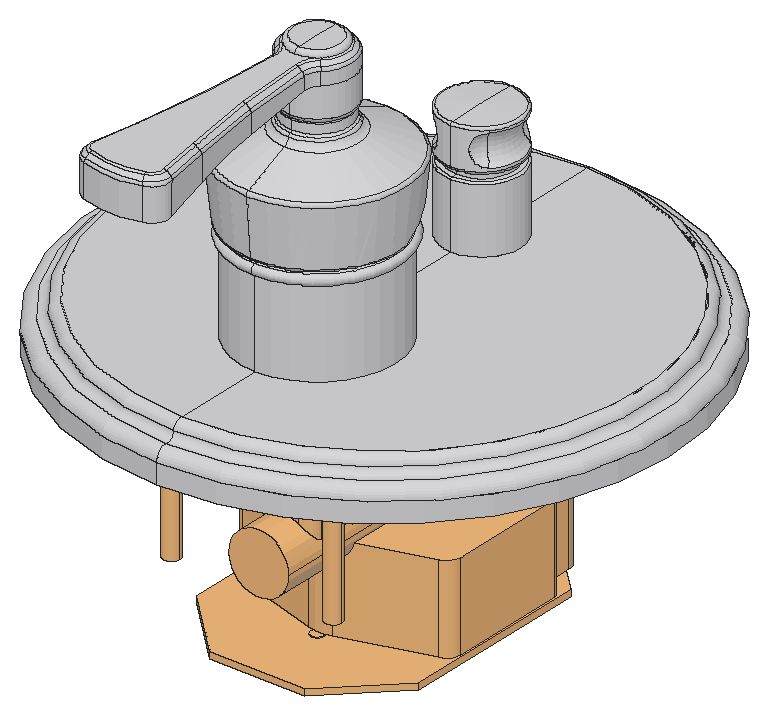
Revit family "Shower-Valve_Trim-KOHLER-MODULO-K-72807T", category Plumbing Fixtures, host Face, Revit 2017
Family settings
  Host = Face
  Round Connector Dimension = Use Diameter
  Part Type = Normal
  OmniClass Number = 23.31.25.00
  OmniClass Title = Toilet and Bath Specialties
  Cut with Voids When Loaded = No
  Shared = No
  Room Calculation Point = No
Parameters (values of type "CP-Polished Chrome")
  Width = 7 11/128"  # constant formula
  WaterSense Certified = 1 = 0  # no
  Waste Water Outlet = "Waste Water Outlet"  # constant formula
  Waste Connection = 1 = 0  # no
  Vent Connection = 1 = 0  # no
  URL = "http://www.kohler.com.cn/"
  Type = 1
  Tempered Water Outlet 2 = "Tempered Water Outlet 2"  # constant formula
  Tempered Water Outlet 1 = "Tempered Water Outlet 1"  # constant formula
  Product Page URL = ""
  Product Name = "MODULO"  # constant formula
  Product Documentation Link = ""
  Pressure = 0.00 psi
  Model = "K-72807T-4-CP"  # constant formula
  Material = "Premium Metal Construction"  # constant formula
  Master Format 2014 Name = "Toilet, Bath, and Laundry Accessories"  # constant formula
  Master Format 2014 = "10 28 00"  # constant formula
  Manufacturer Address = "Kohler Beijing Office (100016) 36-2-03-B, No. 88, Liuxiang Road, Beijing"  # constant formula
  Manufacturer = "KOHLER Co."  # constant formula
  Length = 3 55/64"  # constant formula
  Hot Water Inlet = "Hot Water Inlet"  # constant formula
  Height = 7 209/256"  # constant formula
  Handle Clearance = 3 29/128"  # constant formula
  HW Connection = 1 = 1  # yes
  Flow Rate = 0 GPM
  Finish = Kohler-Metal-CP-Polished_Chrome
  Environmental Product Declaration = ""
  Drain Included = 1 = 0  # no
  Description = "Classic Bath Shower Trim and Valve"  # constant formula
  Default Elevation = 42"
  Declare Label = ""
  Date Modified = "07/30/2020"  # constant formula
  Date Created = "07/30/2020"  # constant formula
  Copyright = "Copyright KOHLER Co."  # constant formula
  Contact Us = "http://www.kohler.com.cn/contact/contact-us/"
  Cold Water Inlet = "Cold Water Inlet"  # constant formula
  CW Connection = 1 = 1  # yes
  Assembly Code = "D2010700"
  ADA Compliant = 1 = 0  # no
Reference planes
  plane 1 "Center (Front/Back)": y = 0
  plane 2: z = 0
  plane 3 "Center (Left/Right)": x = 0
  plane 4: y = 90
  plane 5: y = -90
  plane 6: y = 38.418
  plane 7: y = -26.582
  plane 8: y = -108.537
  plane 9: x = -90
  plane 10: x = 89.983
  plane 11: y = 50.715
  plane 12: y = 26.285
  plane 13: x = -12.215
  plane 14: x = 12.215
  plane 15: y = -1.999
  plane 16: y = -51.001
  plane 17: z = 15
  plane 18: z = -71.822
  plane 19: z = 98.028
  plane 20: z = 51.93
  plane 21: x = 24.471
  plane 22: x = -24.471
Forms (mm)
  Extrusion 1, void
    sketch origin (0, 0, 0) x (1, 0, 0) y (0, 1, 0)
      loop
        arc (30.175, -58.263) -> (34.665, -56.403) -> (36.525, -51.913) r 6.35
        line (36.525, -51.913) -> (36.525, 54.058)
        arc (36.525, 54.058) -> (34.665, 58.548) -> (30.175, 60.408) r 6.35
        line (30.175, 60.408) -> (-30.314, 60.408)
        arc (-30.314, 60.408) -> (-34.804, 58.548) -> (-36.664, 54.058) r 6.35
        line (-36.664, 54.058) -> (-36.664, -51.913)
        arc (-36.664, -51.913) -> (-34.804, -56.403) -> (-30.314, -58.263) r 6.35
        line (-30.314, -58.263) -> (30.175, -58.263)
    from 0 to -71.822
Dimensions and locks
  "Width": plane 9 to plane 10
  "Height": plane 4 to plane 8
  locked: plane 4 to plane 5 at 180
  "Length": plane 19 to plane 2
  "Handle Clearance": plane 7 to plane 8
  locked: plane 6 to plane 7 at 65
  aligned and locked: plane 2 to host face
  aligned and locked: level to host face
Automatic sketch dimensions
  host sketch curve to host sketch curve = 96"  (x2)
  plane 16 to Extrusion 1 sketch curve = 0.0359"  (x2)
  plane 13 to Extrusion 1 sketch curve = 0.96254"
  Extrusion 1 sketch curve to Extrusion 1 sketch curve = 1/4"
  plane 16 to Extrusion 1 sketch curve = 0.2859"
  Extrusion 1 sketch curve to plane 14 = 0.70708"  (x2)
  plane 11 to Extrusion 1 sketch curve = 0.38159"
Nested families
  nested 1: "K-72807T" at (0, 0, 0), type "K-72807T"
Connectors
  piping at (-24.471, 0, -71.822), diameter 12.7, driven by "HW Connection", driven by "Hot Water Inlet"
    settings: on nested 1, index 1, connector inside diameter 24", connector length 0", flow factor 0, pipe flow 0 GPM, pressure drop 0.00 psi, fitting loss kfactor 0, connector angle 0.00°, fixture units 0, engagement length 0", angle of deflection 0.00°, flow configuration 0, flow direction 1, fitting loss method 0, system type 19, joint type 0, gender type 0, connector reference index -1, connector utility 1, adjustable connector no, is connector primary yes, connector description "Hot Water Inlet"
  piping at (24.471, 0, -71.822), diameter 12.7, driven by "CW Connection", driven by "Cold Water Inlet"
    settings: on nested 1, index 2, connector inside diameter 24", connector length 0", flow factor 0, pipe flow 0 GPM, pressure drop 0.00 psi, fitting loss kfactor 0, connector angle 0.00°, fixture units 0, engagement length 0", angle of deflection 0.00°, flow configuration 0, flow direction 1, fitting loss method 0, system type 20, joint type 0, gender type 0, connector reference index -1, connector utility 1, adjustable connector no, is connector primary no, connector description "Cold Water Inlet"
  piping at (0, -26.5, -71.822), diameter 12.7, driven by "HW Connection", driven by "Tempered Water Outlet 2"
    settings: on nested 1, index 3, connector inside diameter 24", connector length 0", flow factor 0, pipe flow 0 GPM, pressure drop 0.00 psi, fitting loss kfactor 0, connector angle 0.00°, fixture units 0, engagement length 0", angle of deflection 0.00°, flow configuration 0, flow direction 2, fitting loss method 0, system type 19, joint type 0, gender type 0, connector reference index -1, connector utility 1, adjustable connector no, is connector primary no, connector description "Tempered Water Outlet 2"
  piping at (0, 38.5, -71.822), diameter 12.7, driven by "HW Connection", driven by "Tempered Water Outlet 1"
    settings: on nested 1, index 4, connector inside diameter 24", connector length 0", flow factor 0, pipe flow 0 GPM, pressure drop 0.00 psi, fitting loss kfactor 0, connector angle 0.00°, fixture units 0, engagement length 0", angle of deflection 0.00°, flow configuration 0, flow direction 2, fitting loss method 0, system type 19, joint type 0, gender type 0, connector reference index -1, connector utility 1, adjustable connector no, is connector primary no, connector description "Tempered Water Outlet 1"
Definition of nested family "K-72807T"
  Parameters (values of type "K-72807T")
    Material = none
  Reference planes
    plane 1 "Center (Front/Back)": y = 0
    plane 2: z = 0
    plane 3 "Center (Left/Right)": x = 0
    plane 4: x = -90
    plane 5: x = 90
    plane 6: y = 90
    plane 7: y = -90
    plane 8: z = 15
    plane 9: x = -24.471
    plane 10: x = 24.471
    plane 11: y = -26.5
    plane 12: y = 38.5
    plane 13: y = 26.285
    plane 14: z = 51.93
    plane 15: y = 50.715
    plane 16: y = -1.999
    plane 17: y = -51.001
    plane 18: z = 98
    plane 19: y = -108.5
  Forms (mm)
    Revolve 1, solid, material <- "Material", detail levels medium+fine
      sketch origin (0, 0, 0) x (0, 1, 0) y (0, 0, 1)
        loop
          line (0, 15) -> (0, 0) -> (90, 0) -> (90, 6.329)
          arc (90, 6.329) -> (88.779, 9.073) -> (85.924, 10.004) r 3.695
          arc (85.924, 10.004) -> (84.064, 10.556) -> (83.135, 12.26) r 2.541
          arc (83.135, 12.26) -> (82.135, 14.214) -> (80.084, 15) r 3.068
          line (80.084, 15) -> (0, 15)
        axis (0, 15) -> (0, 0)
      angle from 0 to 360
    Extrusion 2, void
      sketch origin (0, 0, 0) x (0, 1, 0) y (0, 0, 1)
        loop
          line (2.553, 60.72) -> (-30.621, 44.54) -> (1.138, 44.54) -> (2.553, 60.72)
      from -28.129 to 29.873
    Revolve 3, solid, material <- "Material", detail levels medium+fine
      sketch origin (0, 0, 0) x (0, 1, 0) y (0, 0, 1)
        loop
          line (28.508, 36) -> (26.855, 36) -> (26.285, 35.429) -> (26.285, 15) -> (38.5, 15) -> (38.5, 51.93)
          arc (38.5, 51.93) -> (32.726, 51.821) -> (26.961, 51.492) r 152.13
          arc (26.961, 51.492) -> (26.48, 51.26) -> (26.285, 50.762) r 0.732
          line (26.285, 50.762) -> (26.285, 39.001)
          arc (26.285, 39.001) -> (26.46, 38.561) -> (26.889, 38.361) r 0.642
          arc (26.889, 38.361) -> (27.698, 38.325) -> (28.508, 38.313) r 27.525
          line (28.508, 38.313) -> (28.508, 36)
        axis (38.5, 51.93) -> (38.5, 15)
      angle from 0 to 360
    Sweep 4, void
      path origin (0, 0, 0) x (1, 0, 0) y (0, 1, 0)
        loop
          arc (6.631, 53.151) -> (7.182, 49.727) -> (8.992, 46.768) r 8.969
          arc (8.992, 46.768) -> (12.215, 38.5) -> (8.992, 30.232) r 12.215
          arc (8.992, 30.232) -> (7.182, 27.273) -> (6.631, 23.849) r 8.969
      profile origin (12.215, 38.5, 0) x (1, 0, 0) y (0, 0, 1)
        loop
          arc (2.277, 51.397) -> (-2.183, 45) -> (2.277, 38.603) r 6.817
          line (2.277, 38.603) -> (2.277, 51.397)
    Sweep 5, void
      path origin (0, 0, 0) x (-1, 0, 0) y (0, 1, 0)
        loop
          arc (6.631, 53.151) -> (7.182, 49.727) -> (8.992, 46.768) r 8.969
          arc (8.992, 46.768) -> (12.215, 38.5) -> (8.992, 30.232) r 12.215
          arc (8.992, 30.232) -> (7.182, 27.273) -> (6.631, 23.849) r 8.969
      profile origin (-12.215, 38.5, 0) x (1, 0, 0) y (0, 0, 1)
        loop
          line (-2.277, 51.397) -> (-2.277, 38.603)
          arc (-2.277, 38.603) -> (2.183, 45) -> (-2.277, 51.397) r 6.817
    Extrusion 6, solid, detail levels medium+fine
      sketch origin (-0.069, 1.072, 0) x (1, 0, 0) y (0, 1, 0)
        loop
          arc (-30.244, 59.335) -> (-34.735, 57.475) -> (-36.594, 52.985) r 6.35
          line (-36.594, 52.985) -> (-36.594, -52.985)
          arc (-36.594, -52.985) -> (-34.735, -57.475) -> (-30.244, -59.335) r 6.35
          line (-30.244, -59.335) -> (30.244, -59.335)
          arc (30.244, -59.335) -> (34.735, -57.475) -> (36.594, -52.985) r 6.35
          line (36.594, -52.985) -> (36.594, 52.985)
          arc (36.594, 52.985) -> (34.735, 57.475) -> (30.244, 59.335) r 6.35
          line (30.244, 59.335) -> (-30.244, 59.335)
      from -2.044 to -0.028
    Extrusion 7, solid, detail levels medium+fine
      sketch origin (0.019, 0.12, 0) x (1, 0, 0) y (0, 1, 0)
        loop
          circle (-25.503, -52.3) r 2.595
        loop
          circle (25.595, -52.3) r 2.595
        loop
          circle (-25.503, 51.686) r 2.595
        loop
          circle (25.595, 51.686) r 2.595
      from -45.675 to 0
    Extrusion 8, solid, detail levels medium+fine
      sketch origin (-1.129, 3.064, 0) x (1, 0, 0) y (0, 1, 0)
        loop
          line (-3.391, -42.566) -> (5.824, -42.566)
          arc (5.824, -42.566) -> (8.665, -41.389) -> (9.842, -38.548) r 4.018
          line (9.842, -38.548) -> (9.842, -20.784)
          arc (9.842, -20.784) -> (1.129, -12.07) -> (-7.584, -20.784) r 8.713
          line (-7.584, -20.784) -> (-7.584, -38.372)
          arc (-7.584, -38.372) -> (-6.356, -41.337) -> (-3.391, -42.566) r 4.193
      from -39.725 to 0
    Extrusion 9, solid, detail levels medium+fine
      sketch origin (-0.056, -0.029, 0) x (1, 0, 0) y (0, 1, 0)
        loop
          circle (0.056, 38.148) r 16.559
      from -49 to 0
    Extrusion 10, solid, detail levels medium+fine
      sketch origin (-0.037, -0.26, 0) x (1, 0, 0) y (0, 0, 1)
        loop
          circle (0.037, -40.011) r 9.542
      from -29.913 to 49.278
    Extrusion 11, solid, detail levels medium+fine
      sketch origin (0, 0.034, 0) x (1, 0, 0) y (0, 1, 0)
        loop
          arc (30.988, -17.081) -> (33.345, -15.435) -> (34.25, -12.707) r 4.564
          line (34.25, -12.707) -> (34.25, 24.424)
          arc (34.25, 24.424) -> (34.155, 24.903) -> (33.883, 25.31) r 1.253
          line (33.883, 25.31) -> (28.635, 30.558)
          arc (28.635, 30.558) -> (28.355, 30.977) -> (28.257, 31.47) r 1.29
          line (28.257, 31.47) -> (28.257, 37.738)
          arc (28.257, 37.738) -> (27.694, 39.908) -> (26.147, 41.531) r 4.465
          line (26.147, 41.531) -> (4.843, 54.759)
          arc (4.843, 54.759) -> (3.599, 55.291) -> (2.254, 55.425) r 4.465
          line (2.254, 55.425) -> (-10.258, 54.769)
          arc (-10.258, 54.769) -> (-12.592, 53.954) -> (-14.123, 52.013) r 4.417
          line (-14.123, 52.013) -> (-22.692, 30.802)
          arc (-22.692, 30.802) -> (-23.139, 30.235) -> (-23.821, 29.997) r 1.29
          line (-23.821, 29.997) -> (-28.998, 29.726)
          arc (-28.998, 29.726) -> (-29.455, 29.616) -> (-29.843, 29.35) r 1.29
          line (-29.843, 29.35) -> (-33.872, 25.321)
          arc (-33.872, 25.321) -> (-34.152, 24.902) -> (-34.25, 24.409) r 1.29
          line (-34.25, 24.409) -> (-34.25, -12.695)
          arc (-34.25, -12.695) -> (-33.342, -15.432) -> (-30.977, -17.084) r 4.58
          line (-30.977, -17.084) -> (-3.9, -25.146)
          arc (-3.9, -25.146) -> (0, -25.714) -> (3.9, -25.146) r 13.668
          line (3.9, -25.146) -> (30.988, -17.081)
      from -69.941 to -42.409
    Extrusion 12, solid, detail levels medium+fine
      sketch origin (0, 0.058, 0) x (1, 0, 0) y (0, 1, 0)
        loop
          line (-35, 29.693) -> (-35, -30.307) -> (-15, -50.307) -> (15, -50.307) -> (35, -30.307) -> (35, 29.693) -> (15, 49.693) -> (-15, 49.693) -> (-35, 29.693)
      from -71.822 to -69.941
    Extrusion 13, solid, detail levels coarse
      sketch origin (0, 0, 0) x (1, 0, 0) y (0, 1, 0)
        loop
          line (-35, -30.249) -> (-15, -50.249) -> (15, -50.249) -> (35, -30.249) -> (35, 29.751) -> (15, 49.751) -> (-15, 49.751) -> (-35, 29.751) -> (-35, -30.249)
      from 0 to -71.822
    Extrusion 14, solid, detail levels medium+fine
      sketch origin (0, 0, 0) x (1, 0, 0) y (0, 1, 0)
        loop
          circle (-24.471, 0) r 2
        loop
          circle (0, -26.5) r 2
        loop
          circle (24.471, 0) r 2
        loop
          circle (0, 38.5) r 2
      from -69.941 to -71.822
    Revolve 15, solid, material <- "Material", detail levels medium+fine
      sketch origin (0, 0, 0) x (0, 1, 0) y (0, 0, 1)
        loop
          line (-26.5, 60) -> (-44.417, 60)
          arc (-44.417, 60) -> (-45.816, 59.635) -> (-46.859, 58.632) r 2.864
          arc (-46.859, 58.632) -> (-49.148, 52.963) -> (-49.468, 46.857) r 18.535
          arc (-49.468, 46.857) -> (-49.817, 45.85) -> (-50.821, 45.492) r 1.233
          arc (-50.821, 45.492) -> (-52.489, 44.077) -> (-51.001, 42.474) r 1.513
          line (-51.001, 42.474) -> (-51.001, 15) -> (-26.5, 15) -> (-26.5, 60)
        axis (-26.5, 60) -> (-26.5, 15)
      angle from 0 to 360
    Revolve 16, solid, material <- "Material", detail levels medium+fine
      sketch origin (0, 0, 0) x (0, 1, 0) y (0, 0, 1)
        loop
          line (-26.5, 47) -> (-26.5, 91.34) -> (-37.502, 91.34) -> (-37.502, 81.866)
          arc (-37.502, 81.866) -> (-37.351, 81.269) -> (-36.935, 80.815) r 1.258
          arc (-36.935, 80.815) -> (-36.617, 80.468) -> (-36.501, 80.011) r 0.961
          line (-36.501, 80.011) -> (-36.501, 77.104)
          arc (-36.501, 77.104) -> (-36.64, 76.647) -> (-37.009, 76.345) r 0.822
          arc (-37.009, 76.345) -> (-37.423, 76.048) -> (-37.663, 75.599) r 1.119
          arc (-37.663, 75.599) -> (-38.33, 74.342) -> (-39.481, 73.505) r 3.159
          line (-39.481, 73.505) -> (-53.733, 67.455)
          arc (-53.733, 67.455) -> (-54.331, 66.93) -> (-54.5, 66.152) r 1.271
          line (-54.5, 66.152) -> (-52.552, 47.618)
          arc (-52.552, 47.618) -> (-52.328, 47.177) -> (-51.866, 47) r 0.69
          line (-51.866, 47) -> (-26.5, 47)
        loop
          line (-26.5, 98) -> (-26.5, 99.5) -> (-33.768, 99.5)
          arc (-33.768, 99.5) -> (-34.797, 99.055) -> (-35.178, 98) r 1.414
          line (-35.178, 98) -> (-26.5, 98)
        axis (-26.5, 99.5) -> (-26.5, 47)
      angle from 0 to 360
    Sweep 17, solid, material <- "Material", detail levels medium+fine
      path origin (0, 0, 0) x (1, 0, 0) y (0, 1, 0)
        loop
          arc (-7.623, -34.433) -> (-6.177, -36.615) -> (-5.797, -39.205) r 6
          line (-5.797, -39.205) -> (-7.496, -62.06)
          arc (-7.496, -62.06) -> (-8.769, -73.978) -> (-10.807, -85.789) r 186.125
          arc (-10.807, -85.789) -> (-12.194, -93.14) -> (-13.34, -100.532) r 227.515
          arc (-13.34, -100.532) -> (-12.464, -104.565) -> (-9.191, -107.078) r 6
          arc (-9.191, -107.078) -> (0.006, -108.481) -> (9.201, -107.059) r 30.636
          arc (9.201, -107.059) -> (12.465, -104.544) -> (13.337, -100.516) r 6
          arc (13.337, -100.516) -> (12.193, -93.132) -> (10.807, -85.789) r 227.515
          arc (10.807, -85.789) -> (8.769, -73.978) -> (7.496, -62.06) r 186.125
          line (7.496, -62.06) -> (5.797, -39.205)
          arc (5.797, -39.205) -> (6.177, -36.615) -> (7.623, -34.433) r 6
          arc (7.623, -34.433) -> (0, -15.498) -> (-7.623, -34.433) r 11.002
      profile origin (0, -15.498, 0) x (0, 1, 0) y (0, 0, 1)
        loop
          arc (0, 95.4) -> (-0.116, 95.983) -> (-0.446, 96.476) r 1.521
          line (-0.446, 96.476) -> (-1.651, 97.681)
          arc (-1.651, 97.681) -> (-2.004, 97.917) -> (-2.42, 98) r 1.088
          line (-2.42, 98) -> (-3.238, 98) -> (-3.238, 85.211) -> (0, 85.211) -> (0, 95.4)
    Extrusion 18, solid, material <- "Material", detail levels medium+fine
      sketch origin (0, 0, 0) x (1, 0, 0) y (0, 1, 0)
        loop
          line (4.267, -62.3) -> (2.567, -39.445)
          arc (2.567, -39.445) -> (3.152, -35.457) -> (5.379, -32.098) r 9.238
          arc (5.379, -32.098) -> (0, -18.736) -> (-5.379, -32.098) r 7.764
          arc (-5.379, -32.098) -> (-3.152, -35.457) -> (-2.567, -39.445) r 9.238
          line (-2.567, -39.445) -> (-4.267, -62.3)
          arc (-4.267, -62.3) -> (-5.562, -74.426) -> (-7.635, -86.442) r 189.364
          arc (-7.635, -86.442) -> (-9.003, -93.688) -> (-10.132, -100.975) r 224.276
          arc (-10.132, -100.975) -> (-9.729, -102.831) -> (-8.222, -103.988) r 2.762
          arc (-8.222, -103.988) -> (0.003, -105.243) -> (8.226, -103.971) r 27.398
          arc (8.226, -103.971) -> (9.728, -102.813) -> (10.129, -100.959) r 2.762
          arc (10.129, -100.959) -> (9.001, -93.68) -> (7.635, -86.442) r 224.276
          arc (7.635, -86.442) -> (5.562, -74.426) -> (4.267, -62.3) r 189.364
      from 85.211 to 98
    Extrusion 19, void
      sketch origin (0, 0, 0) x (0, 1, 0) y (0, 0, 1)
        loop
          line (-38.975, 91.25) -> (-70.997, 89.011)
          arc (-70.997, 89.011) -> (-96.713, 86.116) -> (-122.093, 81.057) r 305.973
          line (-122.093, 81.057) -> (-9.174, 81.057) -> (-9.174, 91.34) -> (-36.41, 91.34)
          arc (-36.41, 91.34) -> (-37.694, 91.317) -> (-38.975, 91.25) r 36.767
      from -20.028 to 25.853
    Extrusion 20, solid, material <- "Material", detail levels coarse
      sketch origin (0, 0, 0) x (1, 0, 0) y (0, 1, 0)
        loop
          circle (0, 0) r 90
      from 0 to 15
    Extrusion 21, solid, material <- "Material", detail levels coarse
      sketch origin (0, 0, 0) x (1, 0, 0) y (0, 1, 0)
        loop
          circle (0, 38.5) r 12.215
      from 0 to 52.153
    Revolve 22, solid, material <- "Material", detail levels coarse
      sketch origin (0, 0, 0) x (0, 1, 0) y (0, 0, 1)
        loop
          line (-26.5, 15) -> (-26.5, 98) -> (-37.502, 98) -> (-37.502, 74.31) -> (-54.537, 67.08) -> (-52.78, 46.991) -> (-51.001, 46.991) -> (-51.001, 15) -> (-26.5, 15)
        axis (-26.5, 98) -> (-26.5, 15)
      angle from 0 to 360
    Extrusion 23, solid, material <- "Material", detail levels coarse
      sketch origin (0, 0, 0) x (1, 0, 0) y (0, 1, 0)
        loop
          line (7.496, -62.06) -> (4.872, -26.761) -> (-4.872, -26.761) -> (-7.496, -62.06)
          arc (-7.496, -62.06) -> (-8.769, -73.978) -> (-10.807, -85.789) r 186.125
          arc (-10.807, -85.789) -> (-12.194, -93.14) -> (-13.34, -100.532) r 227.515
          arc (-13.34, -100.532) -> (-12.464, -104.565) -> (-9.191, -107.078) r 6
          arc (-9.191, -107.078) -> (0.006, -108.481) -> (9.201, -107.059) r 30.636
          arc (9.201, -107.059) -> (12.465, -104.544) -> (13.337, -100.516) r 6
          arc (13.337, -100.516) -> (12.193, -93.132) -> (10.807, -85.789) r 227.515
          arc (10.807, -85.789) -> (8.769, -73.978) -> (7.496, -62.06) r 186.125
      from 85.211 to 98
  Cuts and joins
    Sweep 4, Sweep 5 cuts Revolve 3
    Extrusion 19 cuts Sweep 17
    Extrusion 19 cuts Extrusion 18
    joined: Revolve 1, Revolve 3, Revolve 15, Sweep 17, Extrusion 18
    joined: Extrusion 6, Extrusion 7, Extrusion 8, Extrusion 9, Extrusion 10, Extrusion 11, Extrusion 12
    Extrusion 2 cuts Revolve 16
    joined: Extrusion 20, Extrusion 21, Revolve 22, Extrusion 23
  Lines and regions (mm)
    Masking region 1
      outline origin (0, 0, 0) x (0, 1, 0) y (0, 0, 1)
        loop
          line (90, 0) -> (90, 6.329)
          arc (90, 6.329) -> (88.779, 9.073) -> (85.924, 10.004) r 3.695
          arc (85.924, 10.004) -> (84.064, 10.556) -> (83.135, 12.26) r 2.541
          arc (83.135, 12.26) -> (82.135, 14.214) -> (80.084, 15) r 3.068
          line (80.084, 15) -> (50.715, 15) -> (50.715, 35.429) -> (50.145, 36) -> (48.492, 36) -> (48.492, 38.313)
          arc (48.492, 38.313) -> (49.286, 38.325) -> (50.078, 38.361) r 26.325
          arc (50.078, 38.361) -> (50.531, 38.573) -> (50.715, 39.037) r 0.678
          line (50.715, 39.037) -> (50.715, 50.74)
          arc (50.715, 50.74) -> (50.508, 51.267) -> (49.998, 51.512) r 0.774
          arc (49.998, 51.512) -> (44.253, 51.826) -> (38.5, 51.93) r 158.044
          arc (38.5, 51.93) -> (32.747, 51.826) -> (27.002, 51.512) r 158.044
          arc (27.002, 51.512) -> (26.492, 51.267) -> (26.285, 50.74) r 0.774
          line (26.285, 50.74) -> (26.285, 39.037)
          arc (26.285, 39.037) -> (26.469, 38.573) -> (26.922, 38.361) r 0.678
          arc (26.922, 38.361) -> (27.714, 38.325) -> (28.508, 38.313) r 26.325
          line (28.508, 38.313) -> (28.508, 36) -> (26.855, 36) -> (26.285, 35.429) -> (26.285, 15) -> (-1.999, 15) -> (-1.999, 42.474)
          arc (-1.999, 42.474) -> (-0.468, 44.097) -> (-2.177, 45.53) r 1.533
          arc (-2.177, 45.53) -> (-3.172, 45.873) -> (-3.525, 46.865) r 1.213
          arc (-3.525, 46.865) -> (-3.682, 52.028) -> (-5.237, 56.953) r 18.809
          line (-5.237, 56.953) -> (0.907, 59.873) -> (1.465, 66.255)
          arc (1.465, 66.255) -> (1.307, 66.941) -> (0.775, 67.403) r 1.14
          line (0.775, 67.403) -> (-13.033, 73.264)
          arc (-13.033, 73.264) -> (-14.345, 74.134) -> (-15.258, 75.416) r 4.312
          arc (-15.258, 75.416) -> (-15.59, 75.921) -> (-16.054, 76.308) r 2.066
          arc (-16.054, 76.308) -> (-16.376, 76.643) -> (-16.494, 77.094) r 0.921
          line (-16.494, 77.094) -> (-16.494, 80.015)
          arc (-16.494, 80.015) -> (-16.388, 80.448) -> (-16.093, 80.782) r 0.934
          arc (-16.093, 80.782) -> (-15.655, 81.278) -> (-15.498, 81.92) r 1.386
          line (-15.498, 81.92) -> (-15.498, 95.442)
          arc (-15.498, 95.442) -> (-15.606, 95.985) -> (-15.913, 96.445) r 1.419
          line (-15.913, 96.445) -> (-17.08, 97.612)
          arc (-17.08, 97.612) -> (-17.421, 97.863) -> (-17.822, 98) r 1.401
          arc (-17.822, 98) -> (-18.197, 99.054) -> (-19.223, 99.499) r 1.405
          line (-19.223, 99.499) -> (-33.777, 99.499)
          arc (-33.777, 99.499) -> (-34.803, 99.054) -> (-35.178, 98) r 1.405
          line (-35.178, 98) -> (-106.016, 98)
          arc (-106.016, 98) -> (-106.458, 97.912) -> (-106.833, 97.662) r 1.156
          line (-106.833, 97.662) -> (-107.981, 96.514)
          arc (-107.981, 96.514) -> (-108.351, 95.96) -> (-108.481, 95.305) r 1.71
          line (-108.481, 95.305) -> (-108.481, 85.847)
          arc (-108.481, 85.847) -> (-108.295, 85.397) -> (-107.846, 85.211) r 0.635
          line (-107.846, 85.211) -> (-105.842, 85.211)
          arc (-105.842, 85.211) -> (-102.325, 85.353) -> (-98.831, 85.778) r 43.616
          arc (-98.831, 85.778) -> (-84.951, 87.713) -> (-70.997, 89.011) r 305.973
          line (-70.997, 89.011) -> (-39.881, 91.187)
          arc (-39.881, 91.187) -> (-38.209, 90.595) -> (-37.502, 88.969) r 2.224
          line (-37.502, 88.969) -> (-37.502, 81.92)
          arc (-37.502, 81.92) -> (-37.345, 81.278) -> (-36.907, 80.782) r 1.386
          arc (-36.907, 80.782) -> (-36.612, 80.448) -> (-36.506, 80.015) r 0.934
          line (-36.506, 80.015) -> (-36.506, 77.094)
          arc (-36.506, 77.094) -> (-36.624, 76.643) -> (-36.946, 76.308) r 0.921
          arc (-36.946, 76.308) -> (-37.41, 75.921) -> (-37.742, 75.416) r 2.066
          arc (-37.742, 75.416) -> (-38.655, 74.134) -> (-39.967, 73.264) r 4.312
          line (-39.967, 73.264) -> (-53.775, 67.403)
          arc (-53.775, 67.403) -> (-54.307, 66.941) -> (-54.465, 66.255) r 1.14
          line (-54.465, 66.255) -> (-52.875, 48.086)
          arc (-52.875, 48.086) -> (-52.491, 47.306) -> (-51.68, 46.991) r 1.2
          line (-51.68, 46.991) -> (-49.495, 46.991)
          arc (-49.495, 46.991) -> (-49.784, 45.919) -> (-50.823, 45.53) r 1.213
          arc (-50.823, 45.53) -> (-52.532, 44.097) -> (-51.001, 42.474) r 1.533
          line (-51.001, 42.474) -> (-51.001, 15) -> (-80.084, 15)
          arc (-80.084, 15) -> (-82.135, 14.214) -> (-83.135, 12.26) r 3.068
          arc (-83.135, 12.26) -> (-84.064, 10.556) -> (-85.924, 10.004) r 2.541
          arc (-85.924, 10.004) -> (-88.779, 9.073) -> (-90, 6.329) r 3.695
          line (-90, 6.329) -> (-90, 0) -> (0, 0) -> (90, 0)
    Masking region 2
      outline origin (0, 0, 0) x (1, 0, 0) y (0, 0, 1)
        loop
          line (90, 0) -> (90, 6.329)
          arc (90, 6.329) -> (88.779, 9.073) -> (85.924, 10.004) r 3.695
          arc (85.924, 10.004) -> (84.064, 10.556) -> (83.135, 12.26) r 2.541
          arc (83.135, 12.26) -> (82.135, 14.214) -> (80.084, 15) r 3.068
          line (80.084, 15) -> (24.469, 15) -> (24.469, 42.474)
          arc (24.469, 42.474) -> (25.986, 44.061) -> (24.331, 45.503) r 1.518
          arc (24.331, 45.503) -> (23.264, 45.92) -> (22.956, 47.023) r 1.281
          line (22.956, 47.023) -> (25.375, 47.023)
          arc (25.375, 47.023) -> (25.829, 47.197) -> (26.05, 47.631) r 0.679
          line (26.05, 47.631) -> (27.994, 66.127)
          arc (27.994, 66.127) -> (27.819, 66.935) -> (27.2, 67.482) r 1.324
          line (27.2, 67.482) -> (12.799, 73.665)
          arc (12.799, 73.665) -> (11.915, 74.3) -> (11.384, 75.25) r 2.514
          arc (11.384, 75.25) -> (11.021, 75.93) -> (10.424, 76.419) r 1.967
          arc (10.424, 76.419) -> (10.117, 76.71) -> (10.004, 77.118) r 0.792
          line (10.004, 77.118) -> (10.004, 80.053)
          arc (10.004, 80.053) -> (10.086, 80.447) -> (10.318, 80.775) r 0.988
          arc (10.318, 80.775) -> (10.822, 81.487) -> (10.999, 82.341) r 2.14
          line (10.999, 82.341) -> (10.999, 85.211) -> (12.788, 85.211)
          arc (12.788, 85.211) -> (13.22, 85.39) -> (13.398, 85.822) r 0.61
          line (13.398, 85.822) -> (13.398, 95.195)
          arc (13.398, 95.195) -> (13.245, 95.968) -> (12.807, 96.622) r 2.018
          line (12.807, 96.622) -> (11.783, 97.647)
          arc (11.783, 97.647) -> (11.392, 97.908) -> (10.93, 98) r 1.206
          line (10.93, 98) -> (8.678, 98)
          arc (8.678, 98) -> (8.28, 99.06) -> (7.239, 99.504) r 1.441
          line (7.239, 99.504) -> (0, 99.504) -> (-7.239, 99.504)
          arc (-7.239, 99.504) -> (-8.28, 99.06) -> (-8.678, 98) r 1.441
          line (-8.678, 98) -> (-10.93, 98)
          arc (-10.93, 98) -> (-11.392, 97.908) -> (-11.783, 97.647) r 1.206
          line (-11.783, 97.647) -> (-12.807, 96.622)
          arc (-12.807, 96.622) -> (-13.245, 95.968) -> (-13.398, 95.195) r 2.018
          line (-13.398, 95.195) -> (-13.398, 85.822)
          arc (-13.398, 85.822) -> (-13.22, 85.39) -> (-12.788, 85.211) r 0.61
          line (-12.788, 85.211) -> (-10.999, 85.211) -> (-10.999, 82.341)
          arc (-10.999, 82.341) -> (-10.822, 81.487) -> (-10.318, 80.775) r 2.14
          arc (-10.318, 80.775) -> (-10.086, 80.447) -> (-10.004, 80.053) r 0.988
          line (-10.004, 80.053) -> (-10.004, 77.118)
          arc (-10.004, 77.118) -> (-10.117, 76.71) -> (-10.424, 76.419) r 0.792
          arc (-10.424, 76.419) -> (-11.021, 75.93) -> (-11.384, 75.25) r 1.967
          arc (-11.384, 75.25) -> (-11.915, 74.3) -> (-12.799, 73.665) r 2.514
          line (-12.799, 73.665) -> (-27.2, 67.482)
          arc (-27.2, 67.482) -> (-27.819, 66.935) -> (-27.994, 66.127) r 1.324
          line (-27.994, 66.127) -> (-26.05, 47.631)
          arc (-26.05, 47.631) -> (-25.829, 47.197) -> (-25.375, 47.023) r 0.679
          line (-25.375, 47.023) -> (-22.956, 47.023)
          arc (-22.956, 47.023) -> (-23.264, 45.92) -> (-24.331, 45.503) r 1.281
          arc (-24.331, 45.503) -> (-25.986, 44.062) -> (-24.471, 42.474) r 1.518
          line (-24.471, 42.474) -> (-24.471, 15) -> (-80.084, 15)
          arc (-80.084, 15) -> (-82.135, 14.214) -> (-83.135, 12.26) r 3.068
          arc (-83.135, 12.26) -> (-84.064, 10.556) -> (-85.924, 10.004) r 2.541
          arc (-85.924, 10.004) -> (-88.779, 9.073) -> (-90, 6.329) r 3.695
          line (-90, 6.329) -> (-90, 0) -> (0, 0) -> (90, 0)
    Masking region 3
      outline origin (0, 0, 0) x (1, 0, 0) y (0, 1, 0)
        loop
          arc (-90, 0) -> (-67.581, -59.437) -> (-11.494, -89.263) r 90
          line (-11.494, -89.263) -> (-13.323, -100.418)
          arc (-13.323, -100.418) -> (-12.594, -104.316) -> (-9.539, -106.844) r 5.824
          arc (-9.539, -106.844) -> (-4.841, -108.083) -> (0, -108.5) r 28.297
          arc (0, -108.5) -> (4.841, -108.083) -> (9.539, -106.844) r 28.297
          arc (9.539, -106.844) -> (12.594, -104.316) -> (13.323, -100.418) r 5.824
          line (13.323, -100.418) -> (11.494, -89.263)
          arc (11.494, -89.263) -> (67.581, -59.437) -> (90, 0) r 90
          arc (90, 0) -> (63.64, 63.64) -> (0, 90) r 90
          arc (0, 90) -> (-63.64, 63.64) -> (-90, 0) r 90
    Masking region 4
      outline origin (0, 0, 0) x (0, 1, 0) y (0, 0, 1)
        loop
          line (60.408, -2.044) -> (60.408, -0.028) -> (-58.263, -0.028) -> (-58.263, -2.044) -> (-54.775, -2.044) -> (-54.775, -45.675) -> (-49.586, -45.675) -> (-49.586, -49.547) -> (-25.682, -49.547) -> (-25.682, -69.941) -> (-50.249, -69.941) -> (-50.249, -71.822) -> (49.751, -71.822) -> (49.751, -69.941) -> (55.465, -69.941) -> (55.459, -42.409) -> (54.678, -42.409) -> (54.678, -2.044) -> (60.408, -2.044)
        loop
          line (21.559, -2.044) -> (-9.066, -2.044) -> (-9.066, -30.335) -> (21.559, -30.335) -> (21.559, -2.044)
        loop
          line (-39.501, -2.044) -> (-49.538, -2.044) -> (-49.538, -30.468) -> (-39.501, -30.468) -> (-39.501, -2.044)
    Masking region 5, detail levels medium+fine
      outline origin (0, 0, 0) x (1, 0, 0) y (0, 0, 1)
        loop
          line (36.525, -2.044) -> (36.525, -0.028) -> (-36.664, -0.028) -> (-36.664, -2.044) -> (-28.079, -2.044) -> (-28.079, -42.409) -> (-34.25, -42.409) -> (-34.25, -69.941) -> (-35.34, -69.941) -> (-35.34, -71.822) -> (35.34, -71.822) -> (35.34, -69.941) -> (34.25, -69.941) -> (34.25, -42.409) -> (28.079, -42.409) -> (28.079, -2.044) -> (36.664, -2.044)
        loop
          line (23.019, -2.044) -> (16.559, -2.044) -> (16.559, -42.409) -> (23.019, -42.409) -> (23.019, -2.044)
        loop
          line (-23.019, -2.044) -> (-23.019, -42.409) -> (-16.559, -42.409) -> (-16.559, -2.044) -> (-23.019, -2.044)
    symbolic lines, detail levels medium+fine
      curve 1: line (0, 90, 6.329) -> (0, -90, 6.329)
      curve 2: line (0, -85.924, 10.004) -> (0, 86.687, 10.004)
      curve 3: line (0, 83.135, 12.26) -> (0, -83.135, 12.26)
      curve 4: line (90, 0, 6.329) -> (-90, 0, 6.329)
      curve 5: line (85.924, 0, 10.004) -> (-85.924, 0, 10.004)
      curve 6: line (83.135, 0, 12.26) -> (-83.135, 0, 12.26)
      curve 7: line (24.469, 0, 15) -> (-24.533, 0, 15)
      curve 8: arc (11.039, -86.932, 0) -> (-0.15, 87.639, 0) -> (-11.043, -86.951, 0) r 87.64
      curve 9: arc (10.653, -85.033, 0) -> (0, 85.698, 0) -> (-10.653, -85.033, 0) r 85.698
      curve 10: arc (10.185, -82.634, 0) -> (0, 83.259, 0) -> (-10.185, -82.634, 0) r 83.259
      curve 11: line (0, 50.715, 15) -> (0, 26.285, 15)
      curve 12: line (0, 50.715, 35.429) -> (0, 26.285, 35.429)
      curve 13: line (0, 48.492, 36) -> (0, 28.508, 36)
      curve 14: line (0, 48.492, 38.313) -> (0, 28.508, 38.313)
      curve 15: line (0, 46.768, 50) -> (0, 30.232, 50)
      curve 16: line (0, 46.768, 40) -> (0, 46.768, 50)
      curve 17: line (0, 46.768, 40) -> (0, 30.232, 40)
      curve 18: line (0, 30.232, 50) -> (0, 30.232, 40)
      curve 19: line (0, -1.999, 15) -> (0, -51.001, 15)
      curve 20: line (0, 54.678, -2.044) -> (0, 21.559, -2.044)
      curve 21: line (0, -9.006, -2.044) -> (0, -39.501, -2.044)
      curve 22: line (0, -49.538, -2.044) -> (0, -54.775, -2.044)
      curve 23: line (0, 49.211, -45.675) -> (0, 49.211, -2.044)
      curve 24: line (0, 49.211, -42.409) -> (0, -23.524, -42.409)
      curve 25: arc (0, 21.559, -30.335) -> (0, 24.19, -36.087) -> (0, 24.375, -42.409) r 15.92
      curve 26: line (0, 49.211, -45.675) -> (0, 54.793, -45.675)
      curve 27: line (0, 54.793, -42.409) -> (0, 54.793, -45.675)
      curve 28: line (0, 49.751, -69.941) -> (0, -25.682, -69.941)
      curve 29: line (0, 30.592, -42.409) -> (0, 30.592, -69.941)
      curve 30: line (0, 24.375, -42.409) -> (0, 24.375, -69.941)
      curve 31: line (0, -15.798, -42.409) -> (0, -15.798, -69.941)
      curve 32: arc (0, -23.524, -42.409) -> (0, -24.168, -46.11) -> (0, -25.682, -49.547) r 15.511
      curve 33: line (0, -19.35, -36.12) -> (0, -34.131, -36.12)
      curve 34: line (0, -9.066, -30.335) -> (0, -13.361, -33.94)
      curve 35: arc (0, -13.361, -33.94) -> (0, -16.164, -35.558) -> (0, -19.35, -36.12) r 9.318
      curve 36: arc (0, -34.131, -36.12) -> (0, -38.029, -34.446) -> (0, -39.501, -30.468) r 5.377
      curve 37: line (0, -49.538, -30.468) -> (0, -49.586, -45.675)
      curve 38: line (12.215, 0, 35.429) -> (12.215, 0, 15)
      curve 39: line (12.215, 0, 35.429) -> (11.645, 0, 36)
      curve 40: line (11.645, 0, 36) -> (9.992, 0, 36)
      curve 41: line (9.992, 0, 36) -> (9.992, 0, 38.313)
      curve 42: line (9.992, 0, 38.313) -> (11.571, 0, 38.313)
      curve 43: line (12.215, 0, 40) -> (12.215, 0, 38.957)
      curve 44: arc (12.215, 0, 38.957) -> (12.027, 0, 38.502) -> (11.571, 0, 38.313) r 0.644
      curve 45: arc (12.215, 0, 40) -> (10.077, 0, 45) -> (12.215, 0, 50) r 6.914
      curve 46: line (12.215, 0, 50) -> (12.215, 0, 50.838)
      curve 47: arc (11.604, 0, 51.496) -> (5.806, 0, 51.822) -> (0, 0, 51.93) r 155.362
      curve 48: arc (12.215, 0, 50.838) -> (12.039, 0, 51.287) -> (11.604, 0, 51.496) r 0.661
      curve 49: line (12.215, 0, 50) -> (8.992, 0, 50)
      curve 50: line (12.215, 0, 40) -> (8.992, 0, 40)
      curve 51: line (8.992, 0, 50) -> (8.992, 0, 40)
      curve 52: line (-12.215, 0, 35.429) -> (-12.215, 0, 15)
      curve 53: line (-12.215, 0, 35.429) -> (-11.645, 0, 36)
      curve 54: line (-11.645, 0, 36) -> (-9.992, 0, 36)
      curve 55: line (-9.992, 0, 36) -> (-9.992, 0, 38.313)
      curve 56: line (-9.992, 0, 38.313) -> (-11.571, 0, 38.313)
      curve 57: line (-12.215, 0, 40) -> (-12.215, 0, 38.957)
      curve 58: arc (-12.215, 0, 38.957) -> (-12.027, 0, 38.502) -> (-11.571, 0, 38.313) r 0.644
      curve 59: arc (-12.215, 0, 40) -> (-10.077, 0, 45) -> (-12.215, 0, 50) r 6.914
      curve 60: line (-12.215, 0, 50) -> (-12.215, 0, 50.838)
      curve 61: arc (-11.604, 0, 51.496) -> (-5.806, 0, 51.822) -> (0, 0, 51.93) r 155.362
      curve 62: arc (-12.215, 0, 50.838) -> (-12.039, 0, 51.287) -> (-11.604, 0, 51.496) r 0.661
      curve 63: line (-12.215, 0, 50) -> (-8.992, 0, 50)
      curve 64: line (-12.215, 0, 40) -> (-8.992, 0, 40)
      curve 65: line (-8.992, 0, 50) -> (-8.992, 0, 40)
      curve 66: line (12.215, 0, 35.429) -> (-12.215, 0, 35.429)
      curve 67: line (9.992, 0, 36) -> (-9.992, 0, 36)
      curve 68: line (9.992, 0, 38.313) -> (-9.992, 0, 38.313)
      curve 69: line (28.079, 0, -2.044) -> (23.019, 0, -2.044)
      curve 70: line (16.559, 0, -2.044) -> (-16.559, 0, -2.044)
      curve 71: line (-23.019, 0, -2.044) -> (-28.079, 0, -2.044)
      curve 72: line (28.257, 0, -42.409) -> (23.019, 0, -42.409)
      curve 73: line (16.559, 0, -42.409) -> (-16.559, 0, -42.409)
      curve 74: line (-23.019, 0, -42.409) -> (-28.079, 0, -42.409)
      curve 75: line (34.25, 0, -69.941) -> (-34.25, 0, -69.941)
      curve 76: line (28.257, 0, -42.409) -> (28.257, 0, -45.675)
      curve 77: line (28.257, 0, -45.675) -> (23.019, 0, -45.675)
      curve 78: line (23.019, 0, -45.675) -> (23.019, 0, -42.409)
      curve 79: line (28.257, 0, -45.675) -> (28.257, 0, -69.941)
      curve 80: line (3.019, 0, -42.409) -> (3.019, 0, -69.941)
      curve 81: line (-14.123, 0, -42.409) -> (-14.123, 0, -69.941)
      curve 82: line (-29.843, 0, -42.409) -> (-29.843, 0, -69.941)
      curve 83: line (-15.05, 0, -69.941) -> (-15.05, 0, -71.822)
      curve 84: line (15, 0, -69.941) -> (15, 0, -71.822)
      curve 85: line (-28.079, 0, -42.409) -> (-28.079, 0, -45.675)
      curve 86: line (-28.079, 0, -45.675) -> (-23.019, 0, -45.675)
      curve 87: line (-23.019, 0, -42.409) -> (-23.019, 0, -45.675)
      curve 88: line (-23.019, 0, -45.675) -> (-23.019, 0, -69.941)
      curve 99: circle (0, 38.5, 0) r 12.215 normal (0, 0, 1)
      curve 100: line (0, -1.999, 42.474) -> (0, -51.001, 42.474)
      curve 101: line (0, -2.177, 45.53) -> (0, -50.823, 45.53)
      curve 102: line (0, -49.495, 46.991) -> (0, -26.916, 46.991)
      curve 103: line (0, -5.237, 56.953) -> (0, -26.063, 47.181)
      curve 104: arc (0, -26.063, 47.181) -> (0, -26.479, 47.039) -> (0, -26.916, 46.991) r 2.009
      curve 105: line (0, 1.465, 66.255) -> (0, -54.465, 66.255)
      curve 106: line (0, 0.775, 67.403) -> (0, -53.775, 67.403)
      curve 107: line (0, -13.033, 73.264) -> (0, -39.967, 73.264)
      curve 108: line (0, -15.258, 75.416) -> (0, -37.742, 75.416)
      curve 109: line (0, -16.054, 76.308) -> (0, -36.946, 76.308)
      curve 110: line (0, -16.494, 77.094) -> (0, -36.506, 77.094)
      curve 111: line (0, -16.494, 80.015) -> (0, -36.506, 80.015)
      curve 112: line (0, -16.093, 80.782) -> (0, -36.907, 80.782)
      curve 113: line (0, -15.498, 81.92) -> (0, -37.502, 81.92)
      curve 114: line (0, -17.822, 98) -> (0, -35.178, 98)
      curve 115: line (0, -15.498, 95.442) -> (0, -108.476, 95.442)
      curve 116: line (0, -15.913, 96.445) -> (0, -108.05, 96.445)
      curve 117: line (24.469, 0, 42.474) -> (10.554, 0, 42.474)
      curve 118: line (-24.471, 0, 42.474) -> (-10.554, 0, 42.474)
      curve 119: line (24.331, 0, 45.503) -> (10.095, 0, 45.503)
      curve 120: line (-24.331, 0, 45.503) -> (-10.095, 0, 45.503)
      curve 121: arc (15.252, 0, 57.647) -> (7.712, 0, 59.367) -> (0, 0, 59.944) r 51.733
      curve 122: arc (25.029, 0, 50.636) -> (20.712, 0, 54.938) -> (15.252, 0, 57.647) r 18.952
      curve 123: arc (13.159, 0, 55.18) -> (6.643, 0, 56.555) -> (0, 0, 57.016) r 48.07
      curve 124: arc (19.266, 0, 52.465) -> (16.308, 0, 54.038) -> (13.159, 0, 55.18) r 23.787
      curve 125: arc (23.014, 0, 47.023) -> (21.704, 0, 50.132) -> (19.266, 0, 52.465) r 8.316
      curve 126: arc (26.05, 0, 47.631) -> (25.765, 0, 49.21) -> (25.029, 0, 50.636) r 5.4
      curve 127: arc (-15.252, 0, 57.647) -> (-7.712, 0, 59.367) -> (0, 0, 59.944) r 51.733
      curve 128: arc (-25.029, 0, 50.636) -> (-20.712, 0, 54.938) -> (-15.252, 0, 57.647) r 18.952
      curve 129: arc (-26.05, 0, 47.631) -> (-25.765, 0, 49.21) -> (-25.029, 0, 50.636) r 5.4
      curve 130: arc (-13.159, 0, 55.18) -> (-6.643, 0, 56.555) -> (0, 0, 57.016) r 48.07
      curve 131: arc (-19.266, 0, 52.465) -> (-16.308, 0, 54.038) -> (-13.159, 0, 55.18) r 23.787
      curve 132: arc (-23.014, 0, 47.023) -> (-21.704, 0, 50.132) -> (-19.266, 0, 52.465) r 8.316
      curve 133: line (27.994, 0, 66.127) -> (-27.994, 0, 66.127)
      curve 134: line (27.2, 0, 67.482) -> (-27.2, 0, 67.482)
      curve 135: line (12.799, 0, 73.665) -> (-12.799, 0, 73.665)
      curve 136: line (11.384, 0, 75.25) -> (-11.384, 0, 75.25)
      curve 137: line (10.424, 0, 76.419) -> (-10.424, 0, 76.419)
      curve 138: line (10.004, 0, 77.118) -> (-10.004, 0, 77.118)
      curve 139: line (10.004, 0, 80.053) -> (-10.004, 0, 80.053)
      curve 140: line (10.318, 0, 80.775) -> (-10.318, 0, 80.775)
      curve 141: line (10.999, 0, 82.341) -> (-10.999, 0, 82.341)
      curve 142: line (10.999, 0, 85.211) -> (10.999, 0, 95.429)
      curve 143: line (9.254, 0, 97.77) -> (10.578, 0, 96.446)
      curve 144: arc (10.578, 0, 96.446) -> (10.89, 0, 95.979) -> (10.999, 0, 95.429) r 1.437
      curve 145: arc (8.678, 0, 98) -> (8.99, 0, 97.944) -> (9.254, 0, 97.77) r 0.786
      curve 146: line (8.678, 0, 98) -> (-8.678, 0, 98)
      curve 147: line (-10.999, 0, 85.211) -> (-10.999, 0, 95.429)
      curve 148: line (-9.254, 0, 97.77) -> (-10.578, 0, 96.446)
      curve 149: arc (-10.578, 0, 96.446) -> (-10.89, 0, 95.979) -> (-10.999, 0, 95.429) r 1.437
      curve 150: arc (-8.678, 0, 98) -> (-8.99, 0, 97.944) -> (-9.254, 0, 97.77) r 0.786
      curve 151: line (12.807, 0, 96.622) -> (-12.807, 0, 96.622)
      curve 152: line (13.398, 0, 95.195) -> (-13.398, 0, 95.195)
      curve 153: arc (6.87, -53.637, 0) -> (0, 1.493, 0) -> (-6.87, -53.637, 0) r 27.993
      curve 154: arc (7.623, -34.433, 0) -> (0, -15.498, 0) -> (-7.623, -34.433, 0) r 11.002
      curve 155: circle (0, -26.5, 0) r 8.678 normal (0, 0, 1)
      curve 156: arc (-5.797, -39.205, 0) -> (-6.177, -36.615, 0) -> (-7.623, -34.433, 0) r 6
      curve 157: line (-5.797, -39.205, 0) -> (-7.496, -62.06, 0)
      curve 158: arc (-10.807, -85.789, 0) -> (-8.769, -73.978, 0) -> (-7.496, -62.06, 0) r 186.125
      curve 159: arc (-11.494, -89.263, 0) -> (-11.157, -87.525, 0) -> (-10.807, -85.789, 0) r 227.515
      curve 160: arc (5.797, -39.205, 0) -> (6.177, -36.615, 0) -> (7.623, -34.433, 0) r 6
      curve 161: line (5.797, -39.205, 0) -> (7.496, -62.06, 0)
      curve 162: arc (10.807, -85.789, 0) -> (8.769, -73.978, 0) -> (7.496, -62.06, 0) r 186.125
      curve 163: arc (11.494, -89.263, 0) -> (11.157, -87.525, 0) -> (10.807, -85.789, 0) r 227.515
      curve 164: arc (-5.199, -39.249, 0) -> (-5.438, -36.935, 0) -> (-6.465, -34.847, 0) r 6.6
      curve 165: line (-5.199, -39.249, 0) -> (-6.898, -62.105, 0)
      curve 166: arc (-10.219, -85.91, 0) -> (-8.175, -74.061, 0) -> (-6.898, -62.105, 0) r 186.725
      curve 167: arc (-10.904, -89.375, 0) -> (-10.568, -87.641, 0) -> (-10.219, -85.91, 0) r 226.915
      curve 168: arc (6.465, -34.847, 0) -> (0, -15.942, 0) -> (-6.465, -34.847, 0) r 10.558
      curve 169: arc (5.199, -39.249, 0) -> (5.438, -36.935, 0) -> (6.465, -34.847, 0) r 6.6
      curve 170: line (5.199, -39.249, 0) -> (6.898, -62.105, 0)
      curve 171: arc (10.219, -85.91, 0) -> (8.175, -74.061, 0) -> (6.898, -62.105, 0) r 186.725
      curve 172: arc (10.904, -89.375, 0) -> (10.568, -87.641, 0) -> (10.219, -85.91, 0) r 226.915
      curve 173: line (-10.904, -89.375, 0) -> (-12.715, -100.808, 0)
      curve 174: line (10.904, -89.375, 0) -> (12.676, -100.562, 0)
      curve 175: arc (-9.593, -106.249, 0) -> (-0.287, -108.085, 0) -> (9.078, -106.581, 0) r 26.933
      curve 176: arc (-12.715, -100.808, 0) -> (-12.113, -104.079, 0) -> (-9.593, -106.249, 0) r 5
      curve 177: arc (9.078, -106.581, 0) -> (11.969, -104.224, 0) -> (12.676, -100.562, 0) r 5.47
      curve 178: arc (-3.204, -39.397, 0) -> (-3.505, -36.419, 0) -> (-4.809, -33.724, 0) r 8.6
      curve 179: line (-3.204, -39.397, 0) -> (-4.903, -62.253, 0)
      curve 180: arc (-8.26, -86.314, 0) -> (-6.194, -74.337, 0) -> (-4.903, -62.253, 0) r 188.725
      curve 181: arc (-8.934, -89.718, 0) -> (-8.603, -88.014, 0) -> (-8.26, -86.314, 0) r 224.915
      curve 182: line (-8.934, -89.718, 0) -> (-10.74, -101.121, 0)
      curve 183: arc (-10.74, -101.121, 0) -> (-10.379, -103.084, 0) -> (-8.867, -104.386, 0) r 3
      curve 184: arc (-8.867, -104.386, 0) -> (-0.252, -106.085, 0) -> (8.418, -104.693, 0) r 24.933
      curve 185: arc (8.418, -104.693, 0) -> (10.252, -103.198, 0) -> (10.701, -100.875, 0) r 3.47
      curve 186: line (8.934, -89.718, 0) -> (10.701, -100.875, 0)
      curve 187: arc (8.934, -89.718, 0) -> (8.603, -88.014, 0) -> (8.26, -86.314, 0) r 224.915
      curve 188: arc (8.26, -86.314, 0) -> (6.194, -74.337, 0) -> (4.903, -62.253, 0) r 188.725
      curve 189: line (3.204, -39.397, 0) -> (4.903, -62.253, 0)
      curve 190: arc (3.204, -39.397, 0) -> (3.505, -36.419, 0) -> (4.809, -33.724, 0) r 8.6
      curve 191: arc (6.8, -52.692, 0) -> (0, 0.56, 0) -> (-6.8, -52.692, 0) r 27.06
    symbolic lines, detail levels coarse
      curve 89: line (0, 0, -19.263) -> (8.66, 0, -14.263)
      curve 90: line (0, 0, -19.263) -> (8.66, 0, -24.263)
      curve 91: line (8.66, 0, -14.263) -> (8.66, 0, -24.263)
      curve 92: line (0, 0, -19.263) -> (-8.66, 0, -14.263)
      curve 93: line (0, 0, -19.263) -> (-8.66, 0, -24.263)
      curve 94: line (-8.66, 0, -14.263) -> (-8.66, 0, -24.263)
      curve 95: line (0, 0, -19.263) -> (0, 0, -30.382)
      curve 96: line (0, 0, -30.382) -> (6.079, 0, -30.382)
      curve 97: line (0, 0, -30.382) -> (-6.079, 0, -30.382)
      curve 98: arc (6.079, 0, -30.382) -> (0, 0, -33.492) -> (-6.079, 0, -30.382) r 7.495
  Dimensions and locks
    locked: plane 8 to level at 15
    locked: plane 12 to plane 11 at 65
    locked: plane 18 to level at 98
    locked: plane 11 to plane 19 at 82
    aligned and locked: plane 2 to level
